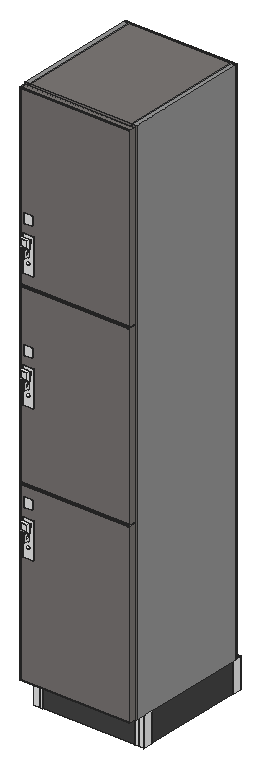
Revit family "Wood_Lockers_Hasps-Salsbury_Industries-15_43000_Series-1_Wide_Units.rfa", category Specialty Equipment, Revit 2016
Family settings
  Part Type = Normal
  Round Connector Dimension = Use Diameter
  OmniClass Number = 23.40.00.00
  OmniClass Title = Equipment and Furnishings
  Work Plane-Based = No
  Always vertical = Yes
  Cut with Voids When Loaded = No
  Shared = No
  Room Calculation Point = No
Parameters (values of type "15-43168")
  Width = 15.000"
  Version = "1.0 (01/31/24)"
  Unit Height including Sloping Hood Only [instance] = 78.868"
  Unit Height including Base Only [instance] = 76.000"
  URL = "www.lockers.com"
  Type Comments = "Premier Wood Lockers - Triple Tier - with Hasps"
  Total Doors Height [instance] = if(Unit Height = 72.000", 71.750", if(Unit Height = 60.000", 59.750", 0.000"))  # 71.750"
  Sloping Top Corner Filler - Right Side [instance] = Wood Locker Sloping Corner Fillers : None
  Sloping Top Corner Filler - Left Side [instance] = Wood Locker Sloping Corner Fillers : None
  Sloping In-Line Filler - Right Side [instance] = Wood Locker Sloping In-Line Fillers : None
  Sloping In-Line Filler - Left Side [instance] = Wood Locker Sloping In-Line Fillers : None
  Sloping Hood Height = if(Depth = 15.000", 5.743", if(Depth = 18.000", 6.868", if(Depth = 21.000", 7.993", if(Depth = 24.000", 9.118", 0.000"))))  # 6.868"
  Sloping Hood [instance] = Wood Locker Sloping Hoods : None
  Side Panel without Slope - Right Side [instance] = Wood Locker Side Panels-No Slope : None
  Side Panel without Slope - Left Side [instance] = Wood Locker Side Panels-No Slope : None
  Side Panel with Slope - Right Side [instance] = Wood Locker Side Panels-With Slope : None
  Side Panel with Slope - Left Side [instance] = Wood Locker Side Panels-With Slope : None
  Secondary Structure Materials = Particle Board Industrial Grade - Salsbury Finish - Black Melamine Overlay
  Primary Structure Materials = Particle Board Industrial Grade - Salsbury Finish - Plain
  Overall Unit Height including Base and Sloping Hood [instance] = 82.868"
  OmniClass 23 Title = "Equipment and Furnishings"
  OmniClass 23 Number = "23.40.00.00"
  Model = "15-43168"
  MasterFormat Title = "Lockers"
  MasterFormat Code = "10 51 23"
  Manufacturer = "Salsbury Industries"
  Laminate Surface [instance] = Industrial Grade Particleboard with Wood Laminate - Salsbury Finish - Skyline Walnut
  Interior Material = Textured Melamine - Salsbury Finish - White
  Individual Door Width [instance] = 14.875"
  Unit Height = 72.000"
  Individual Door Height = if(Unit Height = 72.000", 23.791", if(Unit Height = 60.000", 19.791", 0.000"))  # 23.791"
  Hardware = Aluminum - Salsbury Finish - Black Satin
  Front Vertical Filler - Right Side [instance] = Wood Locker Front Fillers : None
  Front Vertical Filler - Left Side [instance] = Wood Locker Front Fillers : None
  Front Corner Filler - Right Side [instance] = Wood Locker Front Corner Filler : None
  Front Corner Filler - Left Side [instance] = Wood Locker Front Corner Filler : None
  Flat Top In-Line Filler - Right Side [instance] = Wood Locker Flat In-Line Fillers : None
  Flat Top In-Line Filler - Left Side [instance] = Wood Locker Flat In-Line Fillers : None
  Flat Top Corner Filler - Right Side [instance] = Wood Locker Flat Corner Fillers : None
  Flat Top Corner Filler - Left Side [instance] = Wood Locker Flat Corner Fillers : None
  Fascia Filler [instance] = Wood Locker Fascia Fillers : None
  Double Side Panel without Slope - Right Side [instance] = Wood Locker Double Side Panels-No Slope : None
  Double Side Panel without Slope - Left Side [instance] = Wood Locker Double Side Panels-No Slope : None
  Double Side Panel with Slope - Right Side [instance] = Wood Locker Double Side Panels-With Slope : None
  Double Side Panel with Slope - Left Side [instance] = Wood Locker Double Side Panels-With Slope : None
  Door Location D3 = Premier Locker Doors_Hasp : Triple Tier Door-3 for Six Foot High Locker
  Door Location D2 = Premier Locker Doors_Hasp : Triple Tier Door-2 for Six Foot High Locker
  Door Location D1 = Premier Locker Doors_Hasp : Triple Tier Door-1 for Six Foot High Locker
  Description = "1 Wide - 6 Feet High - 18 inches Deep - with Base"
  Depth = 18.000"
  Compartment Width [instance] = 13.750"
  Compartment Height [instance] = if(Unit Height = 72.000", 23.000", if(Unit Height = 60.000", 19.000", 0.000"))  # 23.000"
  Compartment Depth [instance] = 16.750"
  Base Material = Particle Board Industrial Grade - Salsbury Finish - Black Melamine Overlay
  Base Height = 4.000"
  Base Depth [instance] = 16.250"
  Base = Wood Locker Bases : Base - 15" W x 18" D Lockers
  Assembly Code = "C1030310"
Reference planes (in)
  plane 1 "Center (Front/Back)": y = 0
  plane 2: z = 0
  plane 3 "Center (Left/Right)": x = 0
  plane 4 "Right Side of Unit": x = 7.5
  plane 5 "Left Side of Unit": x = -7.5
  plane 6 "Back of Unit": y = 9
  plane 7 "Front of Unit": y = -9
  plane 8 "Bottom of Base": z = 0
  plane 9 "Top Edge of Unit": z = 76
  plane 10 "Top of Base Edge": z = 4
  plane 11: z = 82.868
  plane 12 "Right Compartment Edge": x = 6.906
  plane 13 "Left Compartment Edge": x = -6.906
  plane 14 "Front Melamine Edge": y = -8
  plane 15 "Back Compartment Edge": y = 8.781
  plane 16 "Front Compartment Edge": y = -7.969
  plane 17 "Front Edge of Base": y = -6.625
  plane 18 "Bottom Edge of Door": z = 4.125
  plane 19 "Top Edge of Door": z = 75.875
  plane 20 "Bottom Compartment Edge": z = 4.75
  plane 21 "Top Compartment Edge": z = 75.25
  plane 22 "Center Top and Bottom": z = 40
  plane 23 "Left Melamine Edge": x = -6.875
  plane 24 "Right Melamine Edge": x = 6.875
  plane 25 "Back Melamine Edge": y = 8.75
  plane 26 "Left Edge of Door": x = -7.375
  plane 27: y = 9.625
  plane 28: y = -7.25
  plane 29 "Base / Ventillation Alignment": y = 9.625
  plane 30 "Compartment Shelf 2": z = 28.5
  plane 31: z = 27.75
  plane 32: z = 27.916
  plane 33: z = 28.104
  plane 34: z = 51.5
  plane 35 "Compartment Shelf 1": z = 52.25
  plane 36: z = 51.895
  plane 37: z = 52.083
  plane 38 "5" Shelf Top": z = 70.75
  plane 39: z = 70
  plane 40 "5" Shelf Center": z = 47
  plane 41: z = 46.25
  plane 42 "5" Shelf Bottom": z = 23.25
  plane 43: z = 22.5
  plane 44 "Front of Shelf": y = 3.75
  plane 45: y = 3.781
Forms (in)
  Extrusion 1, solid, material "Particle Board Industrial Grade - Salsbury Finish - Plain" <- "Primary Structure Materials"
    sketch origin (7.5, 0, 0) x (0, -1, 0) y (0, 0, 1)
      loop
        line (7.969, 76) -> (-8.75, 76) -> (-8.75, 4) -> (7.969, 4) -> (7.969, 76)
    from 0 to 0.594
  Extrusion 2, solid, material "Particle Board Industrial Grade - Salsbury Finish - Plain" <- "Primary Structure Materials"
    sketch origin (-7.5, 0, 0) x (0, -1, 0) y (0, 0, 1)
      loop
        line (-8.75, 76) -> (-8.75, 4) -> (7.969, 4) -> (7.969, 76) -> (-8.75, 76)
    from 0 to -0.594
  Extrusion 3, solid, material "Textured Melamine - Salsbury Finish - White" <- "Interior Material"
    sketch origin (0, 0, 4) x (0, -1, 0) y (1, 0, 0)
      loop
        line (-8.75, -6.875) -> (7.969, -6.875) -> (7.969, 6.875) -> (-8.75, 6.875) -> (-8.75, -6.875)
    from 0 to 0.75
  Extrusion 4, solid, material "Industrial Grade Particleboard with Wood Laminate - Salsbury Finish - Skyline Walnut" <- "Laminate Surface"
    sketch origin (0.375, 0.375, 76) x (1, 0, 0) y (0, 1, 0)
      loop
        line (-7.25, -8.375) -> (6.5, -8.375) -> (6.5, 8.375) -> (-7.25, 8.375) -> (-7.25, -8.375)
    from 0 to -0.75
  Extrusion 5, solid, material "Particle Board Industrial Grade - Salsbury Finish - Plain" <- "Primary Structure Materials"
    sketch origin (0, 9, 0) x (1, 0, 0) y (0, 0, 1)
      loop
        line (-7.5, 76) -> (-7.5, 4) -> (7.5, 4) -> (7.5, 76) -> (-7.5, 76)
    from 0 to 0.219
  Extrusion 6, solid, material "Industrial Grade Particleboard with Wood Laminate - Salsbury Finish - Skyline Walnut" <- "Laminate Surface"
    sketch origin (0, -7.969, 0) x (1, 0, 0) y (0, 0, 1)
      loop
        line (-7.5, 76) -> (-7.5, 4) -> (-6.875, 4) -> (-6.875, 76) -> (-7.5, 76)
    from 0 to 0.031
  Extrusion 7, solid, material "Industrial Grade Particleboard with Wood Laminate - Salsbury Finish - Skyline Walnut" <- "Laminate Surface"
    sketch origin (0, -7.969, 0) x (-1, 0, 0) y (0, 0, -1)
      loop
        line (-7.5, -76) -> (-6.875, -76) -> (-6.875, -4) -> (-7.5, -4) -> (-7.5, -76)
    from 0 to 0.031
  Extrusion 8, solid, material "Textured Melamine - Salsbury Finish - White" <- "Interior Material"
    sketch origin (0, 8.75, 0) x (1, 0, 0) y (0, 0, 1)
      loop
        line (-7.5, 76) -> (-7.5, 4) -> (7.5, 4) -> (7.5, 76) -> (-7.5, 76)
    from -0.031 to 0
  Extrusion 9, solid, material "Textured Melamine - Salsbury Finish - White" <- "Interior Material"
    sketch origin (-6.906, 0, 0) x (0, -1, 0) y (0, 0, 1)
      loop
        line (-8.75, 76) -> (-8.75, 4) -> (7.969, 4) -> (7.969, 76) -> (-8.75, 76)
    from 0 to -0.031
  Extrusion 10, solid, material "Textured Melamine - Salsbury Finish - White" <- "Interior Material"
    sketch origin (6.906, 0, 0) x (0, -1, 0) y (0, 0, 1)
      loop
        line (7.969, 76) -> (-8.75, 76) -> (-8.75, 4) -> (7.969, 4) -> (7.969, 76)
    from 0 to 0.031
  Extrusion 11, solid, material "Textured Melamine - Salsbury Finish - White" <- "Interior Material", detail levels fine
    sketch origin (0, 0, 28.5) x (0, -1, 0) y (1, 0, 0)
      loop
        line (-8.75, -6.875) -> (7.969, -6.875) -> (7.969, 6.875) -> (-8.75, 6.875) -> (-8.75, -6.875)
    from 0 to -0.75
  Extrusion 12, solid, material "Textured Melamine - Salsbury Finish - White" <- "Interior Material", detail levels fine
    sketch origin (0, 0, 52.25) x (0, -1, 0) y (1, 0, 0)
      loop
        line (-8.75, -6.875) -> (7.969, -6.875) -> (7.969, 6.875) -> (-8.75, 6.875) -> (-8.75, -6.875)
    from 0 to -0.75
  Extrusion 13, solid, material "Textured Melamine - Salsbury Finish - White" <- "Interior Material"
    sketch origin (0, 0, 70.75) x (0, -1, 0) y (1, 0, 0)
      loop
        line (-8.75, -6.875) -> (-3.781, -6.875) -> (-3.781, 6.875) -> (-8.75, 6.875) -> (-8.75, -6.875)
    from 0 to -0.75
  Extrusion 14, solid, material "Textured Melamine - Salsbury Finish - White" <- "Interior Material", detail levels fine
    sketch origin (0, 0, 47) x (0, -1, 0) y (1, 0, 0)
      loop
        line (-8.75, -6.875) -> (-3.781, -6.875) -> (-3.781, 6.875) -> (-8.75, 6.875) -> (-8.75, -6.875)
    from 0 to -0.75
  Extrusion 15, solid, material "Textured Melamine - Salsbury Finish - White" <- "Interior Material", detail levels fine
    sketch origin (0, 0, 23.25) x (0, -1, 0) y (1, 0, 0)
      loop
        line (-8.75, -6.875) -> (-3.781, -6.875) -> (-3.781, 6.875) -> (-8.75, 6.875) -> (-8.75, -6.875)
    from 0 to -0.75
  Extrusion 16, solid, material "Industrial Grade Particleboard with Wood Laminate - Salsbury Finish - Skyline Walnut" <- "Laminate Surface"
    sketch origin (0, -7.969, 0) x (1, 0, 0) y (0, 0, 1)
      loop
        line (-6.875, 52.25) -> (-6.875, 51.5) -> (6.875, 51.5) -> (6.875, 52.25) -> (-6.875, 52.25)
    from 0 to 0.031
  Extrusion 17, solid, material "Industrial Grade Particleboard with Wood Laminate - Salsbury Finish - Skyline Walnut" <- "Laminate Surface"
    sketch origin (0, -7.969, 0) x (1, 0, 0) y (0, 0, 1)
      loop
        line (-6.875, 28.5) -> (-6.875, 27.75) -> (6.875, 27.75) -> (6.875, 28.5) -> (-6.875, 28.5)
    from 0 to 0.031
  Extrusion 18, solid, material "Industrial Grade Particleboard with Wood Laminate - Salsbury Finish - Skyline Walnut" <- "Laminate Surface"
    sketch origin (0, -7.969, 0) x (1, 0, 0) y (0, 0, 1)
      loop
        line (-6.875, 4.75) -> (-6.875, 4) -> (6.875, 4) -> (6.875, 4.75) -> (-6.875, 4.75)
    from 0 to 0.031
  Extrusion 19, solid, material "Industrial Grade Particleboard with Wood Laminate - Salsbury Finish - Skyline Walnut" <- "Laminate Surface"
    sketch origin (0, 3.75, 0) x (1, 0, 0) y (0, 0, 1)
      loop
        line (-6.875, 23.25) -> (-6.875, 22.5) -> (6.875, 22.5) -> (6.875, 23.25) -> (-6.875, 23.25)
    from 0 to -0.031
  Extrusion 20, solid, material "Industrial Grade Particleboard with Wood Laminate - Salsbury Finish - Skyline Walnut" <- "Laminate Surface"
    sketch origin (0, 3.75, 0) x (1, 0, 0) y (0, 0, 1)
      loop
        line (-6.875, 47) -> (-6.875, 46.25) -> (6.875, 46.25) -> (6.875, 47) -> (-6.875, 47)
    from 0 to -0.031
  Extrusion 21, solid, material "Industrial Grade Particleboard with Wood Laminate - Salsbury Finish - Skyline Walnut" <- "Laminate Surface"
    sketch origin (0, 3.75, 0) x (1, 0, 0) y (0, 0, 1)
      loop
        line (-6.875, 70.75) -> (-6.875, 70) -> (6.875, 70) -> (6.875, 70.75) -> (-6.875, 70.75)
    from 0 to -0.031
Lines and regions (in)
  symbolic lines
    curve 1: line (-7.5, 8.75, 76) -> (7.50006, 8.75, 76)
    curve 2: line (-7.5, 8.75, 0) -> (-7.5, 8.75, 76)
    curve 3: line (7.50006, 8.75, 76) -> (7.50006, 8.75, 0)
    curve 4: line (6.906, -8, 76) -> (6.906, 9.625, 76)
    curve 5: line (6.906, -8, 0) -> (6.906, -8, 76)
    curve 6: line (6.906, 9.625, 76) -> (6.906, 9.625, 0)
    curve 7: line (7.50006, 8.75, 0) -> (-7.5, 8.75, 0)
    curve 8: line (6.906, -6.625, 0) -> (6.906, 9.625, 0)
    curve 9: line (6.906, 9.625, 0) -> (6.906, -6.625, 0)
    curve 10: line (6.906, -8, 0) -> (6.906, 9.625, 0)
    curve 11: line (-7.5, 9.625, 0) -> (7.5, 9.625, 0)
    curve 12: line (-7.5, -8, 0) -> (-7.5, 9.625, 0)
    curve 13: line (7.5, -8, 0) -> (-7.5, -8, 0)
    curve 14: line (7.5, 9.625, 0) -> (7.5, -8, 0)
Dimensions and locks (in)
  equal spacing: plane 5 "Left Side of Unit", plane 3 "Center (Left/Right)", plane 4 "Right Side of Unit"
  "Width": plane 5 "Left Side of Unit" to plane 4 "Right Side of Unit"
  equal spacing: plane 7 "Front of Unit", plane 1 "Center (Front/Back)", plane 6 "Back of Unit"
  "Depth": plane 7 "Front of Unit" to plane 6 "Back of Unit"
  "Base Height": plane 10 "Top of Base Edge" to plane 8 "Bottom of Base"
  "Unit Height": plane 9 "Top Edge of Unit" to plane 10 "Top of Base Edge"
  "Sloping Hood Height": plane 11 to plane 9 "Top Edge of Unit"
  locked: plane 12 "Right Compartment Edge" to plane 4 "Right Side of Unit" at 0.594
  locked: plane 5 "Left Side of Unit" to plane 13 "Left Compartment Edge" at 0.594
  locked: plane 7 "Front of Unit" to plane 14 "Front Melamine Edge" at 1
  locked: plane 15 "Back Compartment Edge" to plane 6 "Back of Unit" at 0.219
  locked: plane 14 "Front Melamine Edge" to plane 16 "Front Compartment Edge" at 0.031
  plane 18 "Bottom Edge of Door" to plane 10 "Top of Base Edge" = 0.125"
  plane 9 "Top Edge of Unit" to plane 19 "Top Edge of Door" = 0.125"
  plane 20 "Bottom Compartment Edge" to plane 10 "Top of Base Edge" = 0.750"
  plane 9 "Top Edge of Unit" to plane 21 "Top Compartment Edge" = 0.750"
  equal spacing: plane 9 "Top Edge of Unit", plane 22 "Center Top and Bottom", plane 10 "Top of Base Edge"
  locked: plane 24 "Right Melamine Edge" to plane 12 "Right Compartment Edge" at 0.031
  locked: plane 13 "Left Compartment Edge" to plane 23 "Left Melamine Edge" at 0.031
  locked: plane 25 "Back Melamine Edge" to plane 15 "Back Compartment Edge" at 0.031
  locked: plane 5 "Left Side of Unit" to plane 26 "Left Edge of Door" at 0.125
  "Individual Door Width": plane 26 "Left Edge of Door" to plane 4 "Right Side of Unit"
  "Total Doors Height": plane 19 "Top Edge of Door" to plane 18 "Bottom Edge of Door"
  "Unit Height including Base Only": plane 9 "Top Edge of Unit" to plane 8 "Bottom of Base"
  "Unit Height including Sloping Hood Only": plane 11 to plane 10 "Top of Base Edge"
  "Overall Unit Height including Base and Sloping Hood": plane 11 to plane 8 "Bottom of Base"
  locked: plane 7 "Front of Unit" to plane 17 "Front Edge of Base" at 2.375
  locked: plane 6 "Back of Unit" to plane 27 at 0.625
  "Base Depth": plane 17 "Front Edge of Base" to plane 27
  "Compartment Width": plane 23 "Left Melamine Edge" to plane 24 "Right Melamine Edge"
  "Compartment Height": plane 31 to plane 20 "Bottom Compartment Edge"
  "Compartment Depth": plane 14 "Front Melamine Edge" to plane 25 "Back Melamine Edge"
  locked: plane 14 "Front Melamine Edge" to plane 28 at 0.75
  plane 14 "Front Melamine Edge" to plane 27 = 17.625"
  Extrusion 2 to Extrusion 9 = 16.719"
  plane 6 "Back of Unit" to plane 29 "Base / Ventillation Alignment" = 0.625"
  locked: plane 30 "Compartment Shelf 2" to plane 31 at 0.75
  locked: plane 33 to plane 32 at 0.188
  "Individual Door Height": plane 32 to plane 18 "Bottom Edge of Door"
  locked: plane 35 "Compartment Shelf 1" to plane 34 at 0.75
  locked: plane 37 to plane 36 at 0.188
  "Compartment Height": plane 34 to plane 30 "Compartment Shelf 2"
  "Individual Door Height": plane 36 to plane 33
  locked: plane 38 "5" Shelf Top" to plane 39 at 0.75
  locked: plane 44 "Front of Shelf" to plane 25 "Back Melamine Edge" at 5
  locked: plane 21 "Top Compartment Edge" to plane 38 "5" Shelf Top" at 4.5
  locked: plane 40 "5" Shelf Center" to plane 41 at 0.75
  locked: plane 34 to plane 40 "5" Shelf Center" at 4.5
  locked: plane 42 "5" Shelf Bottom" to plane 43 at 0.75
  locked: plane 31 to plane 42 "5" Shelf Bottom" at 4.5
  locked: plane 44 "Front of Shelf" to plane 45 at 0.031
  aligned and locked: level to plane 2
  aligned and locked: plane 15 "Back Compartment Edge" to Extrusion 5
  aligned and locked: plane 4 "Right Side of Unit" to nested 1
  aligned and locked: plane 18 "Bottom Edge of Door" to nested 1
  aligned and locked: plane 7 "Front of Unit" to nested 1
  aligned and locked: plane 9 "Top Edge of Unit" to nested 2
  aligned and locked: plane 14 "Front Melamine Edge" to nested 2
  aligned and locked: plane 5 "Left Side of Unit" to nested 3
  aligned and locked: plane 14 "Front Melamine Edge" to nested 3
  aligned and locked: plane 9 "Top Edge of Unit" to nested 3
  aligned and locked: plane 4 "Right Side of Unit" to nested 4
  aligned and locked: nested 4 to plane 9 "Top Edge of Unit"
  aligned and locked: nested 4 to plane 14 "Front Melamine Edge"
  aligned and locked: plane 9 "Top Edge of Unit" to nested 5
  aligned and locked: plane 28 to nested 5
  aligned and locked: nested 6 to plane 28
  aligned and locked: plane 5 "Left Side of Unit" to nested 6
  aligned and locked: plane 4 "Right Side of Unit" to nested 5
  aligned and locked: nested 6 to plane 9 "Top Edge of Unit"
  aligned and locked: nested 8 to plane 5 "Left Side of Unit"
  aligned and locked: nested 7 to plane 4 "Right Side of Unit"
  aligned and locked: plane 14 "Front Melamine Edge" to nested 7
  aligned and locked: nested 8 to plane 14 "Front Melamine Edge"
  aligned and locked: plane 10 "Top of Base Edge" to nested 7
  aligned and locked: nested 8 to plane 10 "Top of Base Edge"
  aligned and locked: plane 5 "Left Side of Unit" to nested 9
  aligned and locked: plane 4 "Right Side of Unit" to nested 10
  aligned and locked: nested 10 to plane 10 "Top of Base Edge"
  aligned and locked: plane 10 "Top of Base Edge" to nested 9
  aligned and locked: plane 16 "Front Compartment Edge" to nested 10
  aligned and locked: nested 9 to plane 14 "Front Melamine Edge"
  aligned and locked: plane 4 "Right Side of Unit" to nested 11
  aligned and locked: nested 11 to plane 10 "Top of Base Edge"
  aligned and locked: plane 14 "Front Melamine Edge" to nested 11
  aligned and locked: plane 14 "Front Melamine Edge" to nested 12
  aligned and locked: nested 12 to nested 4
  aligned and locked: plane 10 "Top of Base Edge" to nested 12
  aligned and locked: nested 13 to plane 5 "Left Side of Unit"
  aligned and locked: nested 13 to plane 14 "Front Melamine Edge"
  aligned and locked: nested 13 to plane 10 "Top of Base Edge"
  aligned and locked: plane 14 "Front Melamine Edge" to nested 14
  aligned and locked: nested 14 to plane 4 "Right Side of Unit"
  aligned and locked: nested 15 to plane 14 "Front Melamine Edge"
  aligned and locked: nested 15 to plane 5 "Left Side of Unit"
  aligned and locked: plane 10 "Top of Base Edge" to nested 14
  aligned and locked: nested 15 to plane 10 "Top of Base Edge"
  aligned and locked: plane 14 "Front Melamine Edge" to nested 16
  aligned and locked: plane 4 "Right Side of Unit" to nested 16
  aligned and locked: nested 17 to plane 14 "Front Melamine Edge"
  aligned and locked: plane 5 "Left Side of Unit" to nested 17
  aligned and locked: nested 16 to plane 8 "Bottom of Base"
  aligned and locked: nested 17 to plane 8 "Bottom of Base"
  aligned and locked: nested 18 to plane 5 "Left Side of Unit"
  aligned and locked: nested 19 to plane 4 "Right Side of Unit"
  aligned and locked: nested 19 to plane 14 "Front Melamine Edge"
  aligned and locked: plane 14 "Front Melamine Edge" to nested 18
  aligned and locked: plane 8 "Bottom of Base" to nested 19
  aligned and locked: nested 18 to plane 8 "Bottom of Base"
  aligned and locked: plane 17 "Front Edge of Base" to nested 20
  aligned and locked: plane 9 "Top Edge of Unit" to nested 21
  aligned and locked: plane 5 "Left Side of Unit" to nested 21
  aligned and locked: nested 22 to plane 9 "Top Edge of Unit"
  aligned and locked: plane 4 "Right Side of Unit" to nested 22
  aligned and locked: nested 22 to plane 14 "Front Melamine Edge"
  aligned and locked: nested 21 to plane 14 "Front Melamine Edge"
  aligned and locked: nested 24 to plane 9 "Top Edge of Unit"
  aligned and locked: plane 4 "Right Side of Unit" to nested 24
  aligned and locked: nested 23 to plane 9 "Top Edge of Unit"
  aligned and locked: plane 5 "Left Side of Unit" to nested 23
  aligned and locked: nested 24 to plane 28
  aligned and locked: nested 23 to plane 28
  aligned and locked: plane 14 "Front Melamine Edge" to nested 25
  aligned and locked: plane 9 "Top Edge of Unit" to nested 25
  aligned and locked: plane 8 "Bottom of Base" to nested 20
  aligned and locked: plane 3 "Center (Left/Right)" to nested 20
  aligned and locked: plane 25 "Back Melamine Edge" to Extrusion 3 sketch curve
  aligned and locked: Extrusion 3 sketch curve to plane 23 "Left Melamine Edge"
  aligned and locked: plane 24 "Right Melamine Edge" to Extrusion 3 sketch curve
  aligned and locked: Extrusion 4 to plane 9 "Top Edge of Unit"
  aligned and locked: plane 21 "Top Compartment Edge" to Extrusion 4
  aligned and locked: Extrusion 2 sketch curve to plane 9 "Top Edge of Unit"
  aligned and locked: plane 16 "Front Compartment Edge" to Extrusion 2 sketch curve
  aligned and locked: Extrusion 2 sketch curve to plane 25 "Back Melamine Edge"
  aligned and locked: plane 10 "Top of Base Edge" to Extrusion 2 sketch curve
  aligned and locked: Extrusion 2 to plane 13 "Left Compartment Edge"
  aligned and locked: plane 5 "Left Side of Unit" to Extrusion 2
  aligned and locked: plane 10 "Top of Base Edge" to Extrusion 9 sketch curve
  aligned and locked: Extrusion 9 sketch curve to plane 25 "Back Melamine Edge"
  aligned and locked: Extrusion 9 sketch curve to plane 9 "Top Edge of Unit"
  aligned and locked: Extrusion 1 sketch curve to plane 16 "Front Compartment Edge"
  aligned and locked: plane 9 "Top Edge of Unit" to Extrusion 1 sketch curve
  aligned and locked: Extrusion 1 sketch curve to plane 10 "Top of Base Edge"
  aligned and locked: plane 25 "Back Melamine Edge" to Extrusion 1 sketch curve
  aligned and locked: Extrusion 1 to plane 4 "Right Side of Unit"
  aligned and locked: plane 12 "Right Compartment Edge" to Extrusion 1
  aligned and locked: Extrusion 10 sketch curve to plane 10 "Top of Base Edge"
  aligned and locked: plane 25 "Back Melamine Edge" to Extrusion 10 sketch curve
  aligned and locked: Extrusion 10 sketch curve to plane 16 "Front Compartment Edge"
  aligned and locked: plane 9 "Top Edge of Unit" to Extrusion 10 sketch curve
  aligned and locked: Extrusion 10 to plane 12 "Right Compartment Edge"
  aligned and locked: plane 24 "Right Melamine Edge" to Extrusion 10
  aligned and locked: Extrusion 8 sketch curve to plane 10 "Top of Base Edge"
  aligned and locked: plane 4 "Right Side of Unit" to Extrusion 8 sketch curve
  aligned and locked: plane 9 "Top Edge of Unit" to Extrusion 8 sketch curve
  aligned and locked: Extrusion 8 sketch curve to plane 5 "Left Side of Unit"
  aligned and locked: Extrusion 8 to plane 15 "Back Compartment Edge"
  aligned and locked: plane 25 "Back Melamine Edge" to Extrusion 8
  aligned and locked: plane 9 "Top Edge of Unit" to Extrusion 5 sketch curve
  aligned and locked: Extrusion 5 sketch curve to plane 5 "Left Side of Unit"
  aligned and locked: Extrusion 5 sketch curve to plane 10 "Top of Base Edge"
  aligned and locked: plane 4 "Right Side of Unit" to Extrusion 5 sketch curve
  aligned and locked: Extrusion 7 sketch curve to plane 9 "Top Edge of Unit"
  aligned and locked: Extrusion 7 sketch curve to plane 4 "Right Side of Unit"
  aligned and locked: plane 24 "Right Melamine Edge" to Extrusion 7 sketch curve
  aligned and locked: plane 10 "Top of Base Edge" to Extrusion 7 sketch curve
  aligned and locked: Extrusion 7 to plane 16 "Front Compartment Edge"
  aligned and locked: plane 14 "Front Melamine Edge" to Extrusion 7
  aligned and locked: Extrusion 6 sketch curve to plane 10 "Top of Base Edge"
  aligned and locked: plane 23 "Left Melamine Edge" to Extrusion 6 sketch curve
  aligned and locked: Extrusion 6 sketch curve to plane 5 "Left Side of Unit"
  aligned and locked: plane 9 "Top Edge of Unit" to Extrusion 6 sketch curve
  aligned and locked: Extrusion 6 to plane 16 "Front Compartment Edge"
  aligned and locked: plane 14 "Front Melamine Edge" to Extrusion 6
  aligned and locked: plane 16 "Front Compartment Edge" to Extrusion 9
  aligned and locked: plane 13 "Left Compartment Edge" to Extrusion 9
  aligned and locked: nested 3 to curve 1
  aligned and locked: curve 2 to nested 17
  aligned and locked: curve 4 to nested 2
  aligned and locked: nested 16 to curve 5
  aligned and locked: curve 9 to nested 20
  aligned and locked: curve 10 to nested 16
  aligned and locked: curve 13 to plane 14 "Front Melamine Edge"
  aligned and locked: curve 12 to plane 5 "Left Side of Unit"
  aligned and locked: plane 29 "Base / Ventillation Alignment" to curve 11
  aligned and locked: plane 3 "Center (Left/Right)" to nested 2
  aligned and locked: plane 3 "Center (Left/Right)" to nested 25
  aligned and locked: plane 29 "Base / Ventillation Alignment" to curve 6
  aligned and locked: plane 25 "Back Melamine Edge" to Extrusion 11 sketch curve
  aligned and locked: Extrusion 11 sketch curve to plane 23 "Left Melamine Edge"
  aligned and locked: plane 24 "Right Melamine Edge" to Extrusion 11 sketch curve
  aligned and locked: plane 25 "Back Melamine Edge" to Extrusion 12 sketch curve
  aligned and locked: plane 24 "Right Melamine Edge" to Extrusion 12 sketch curve
  aligned and locked: Extrusion 12 sketch curve to plane 23 "Left Melamine Edge"
  aligned and locked: plane 33 to nested 26
  aligned and locked: plane 4 "Right Side of Unit" to nested 26
  aligned and locked: plane 4 "Right Side of Unit" to nested 27
  aligned and locked: plane 37 to nested 27
  aligned and locked: plane 7 "Front of Unit" to nested 27
  aligned and locked: plane 7 "Front of Unit" to nested 26
  aligned and locked: Extrusion 13 to plane 38 "5" Shelf Top"
  aligned and locked: plane 39 to Extrusion 13
  aligned and locked: plane 23 "Left Melamine Edge" to Extrusion 13
  aligned and locked: Extrusion 13 to plane 24 "Right Melamine Edge"
  aligned and locked: Extrusion 13 to plane 25 "Back Melamine Edge"
  aligned and locked: Extrusion 14 to plane 40 "5" Shelf Center"
  aligned and locked: plane 41 to Extrusion 14
  aligned and locked: plane 23 "Left Melamine Edge" to Extrusion 14
  aligned and locked: Extrusion 14 to plane 24 "Right Melamine Edge"
  aligned and locked: Extrusion 14 to plane 25 "Back Melamine Edge"
  aligned and locked: Extrusion 15 to plane 42 "5" Shelf Bottom"
  aligned and locked: plane 43 to Extrusion 15
  aligned and locked: plane 23 "Left Melamine Edge" to Extrusion 15
  aligned and locked: Extrusion 15 to plane 24 "Right Melamine Edge"
  aligned and locked: Extrusion 15 to plane 25 "Back Melamine Edge"
  aligned and locked: plane 14 "Front Melamine Edge" to Extrusion 4
  aligned and locked: plane 16 "Front Compartment Edge" to Extrusion 12
  aligned and locked: plane 16 "Front Compartment Edge" to Extrusion 11
  aligned and locked: plane 16 "Front Compartment Edge" to Extrusion 3
  aligned and locked: Extrusion 16 sketch curve to Extrusion 12  (x4)
  aligned and locked: plane 14 "Front Melamine Edge" to Extrusion 16
  aligned and locked: Extrusion 16 to plane 16 "Front Compartment Edge"
  aligned and locked: Extrusion 17 sketch curve to Extrusion 11  (x4)
  aligned and locked: Extrusion 18 sketch curve to Extrusion 3  (x3)
  aligned and locked: Extrusion 7 to Extrusion 18 sketch curve
  aligned and locked: Extrusion 13 to plane 45
  aligned and locked: Extrusion 14 to Extrusion 13
  aligned and locked: Extrusion 15 to Extrusion 13
  aligned and locked: Extrusion 19 sketch curve to Extrusion 15  (x4)
  aligned and locked: Extrusion 19 to plane 44 "Front of Shelf"
  aligned and locked: Extrusion 19 to Extrusion 13
  aligned and locked: Extrusion 20 sketch curve to Extrusion 14  (x4)
  aligned and locked: Extrusion 20 to plane 44 "Front of Shelf"
  aligned and locked: Extrusion 20 to Extrusion 13
  aligned and locked: Extrusion 21 sketch curve to Extrusion 13  (x4)
  aligned and locked: Extrusion 21 to plane 44 "Front of Shelf"
  aligned and locked: Extrusion 21 to Extrusion 13
Automatic sketch dimensions
  Extrusion 9 sketch curve to plane 16 "Front Compartment Edge" = 0.000"
  curve 3 to level = 0.000"
  curve 3 to plane 4 "Right Side of Unit" = 0.00006"
  curve 8 to plane 17 "Front Edge of Base" = 0.000"
  curve 9 to plane 17 "Front Edge of Base" = 0.000"
  curve 13 to plane 4 "Right Side of Unit" = 0.000"
  Extrusion 14 sketch curve to plane 24 "Right Melamine Edge" = 0.000"
  plane 25 "Back Melamine Edge" to Extrusion 14 sketch curve = 0.000"
  Extrusion 14 sketch curve to plane 23 "Left Melamine Edge" = 0.000"
  Extrusion 14 sketch curve to plane 44 "Front of Shelf" = 0.031"
  plane 24 "Right Melamine Edge" to Extrusion 15 sketch curve = 0.000"
  Extrusion 15 sketch curve to plane 25 "Back Melamine Edge" = 0.000"
  Extrusion 15 sketch curve to plane 14 "Front Melamine Edge" = 11.781"
  Extrusion 15 sketch curve to plane 23 "Left Melamine Edge" = 0.000"
  Extrusion 4 sketch curve to plane 5 "Left Side of Unit" = 0.625"
  plane 17 "Front Edge of Base" to Extrusion 4 sketch curve = 1.375"
  plane 4 "Right Side of Unit" to Extrusion 4 sketch curve = 0.625"
  plane 25 "Back Melamine Edge" to Extrusion 4 sketch curve = 0.000"
  Extrusion 13 sketch curve to plane 24 "Right Melamine Edge" = 0.000"
  plane 25 "Back Melamine Edge" to Extrusion 13 sketch curve = 0.000"
  Extrusion 13 sketch curve to plane 23 "Left Melamine Edge" = 0.000"
  Extrusion 13 sketch curve to plane 44 "Front of Shelf" = 0.031"
  Extrusion 12 sketch curve to plane 14 "Front Melamine Edge" = 0.031"
  Extrusion 11 sketch curve to plane 14 "Front Melamine Edge" = 0.031"
  Extrusion 3 sketch curve to plane 14 "Front Melamine Edge" = 0.031"
Nested families (in)
  nested 1: "Premier Locker Doors_Hasp" at (0.0625, -8.625, 4.125), type <- "Door Location D3", type "Triple Tier Door-3 for Six Foot High Locker"
  nested 2: "Wood Locker Sloping Hoods" at (0, -0.6875, 76), type <- "Sloping Hood", type "None"
  nested 3: "Wood Locker Sloping Corner Fillers" at (-16.75, -1, 76), type <- "Sloping Top Corner Filler - Left Side", type "None"
  nested 4: "Wood Locker Sloping Corner Fillers" at (16.75, -1, 76) x (-1, 0, 0) z (0, 0, 1), type <- "Sloping Top Corner Filler - Right Side", type "None"
  nested 5: "Wood Locker Flat Corner Fillers" at (15, -3.625, 75.25), type <- "Flat Top Corner Filler - Right Side", type "None"
  nested 6: "Wood Locker Flat Corner Fillers" at (-15, -3.625, 75.25) x (-1, 0, 0) z (0, 0, 1), type <- "Flat Top Corner Filler - Left Side", type "None"
  nested 7: "Wood Locker Side Panels-No Slope" at (7.875, -1, 4) x (0, 1, 0) z (0, 0, 1), type <- "Side Panel without Slope - Right Side", type "None"
  nested 8: "Wood Locker Side Panels-No Slope" at (-7.875, -1, 4) x (0, 1, 0) z (0, 0, 1), type <- "Side Panel without Slope - Left Side", type "None"
  nested 9: "Wood Locker Side Panels-With Slope" at (-7.875, -0.6875, 4) x (0, -1, 0) z (0, 0, 1), type <- "Side Panel with Slope - Left Side", type "None"
  nested 10: "Wood Locker Side Panels-With Slope" at (7.875, -0.6565, 4) x (0, -1, 0) z (0, 0, 1), type <- "Side Panel with Slope - Right Side", type "None"
  nested 11: "Wood Locker Side Panels-With Slope" at (7.875, -0.6875, 4) x (0, -1, 0) z (0, 0, 1), type <- "Side Panel with Slope - Right Side", type "None"
  nested 12: "Wood Locker Double Side Panels-No Slope" at (7.875, -1, 4) x (0, 1, 0) z (0, 0, 1), type <- "Double Side Panel without Slope - Right Side", type "None"
  nested 13: "Wood Locker Double Side Panels-No Slope" at (-7.875, -1, 4) x (0, 1, 0) z (0, 0, 1), type <- "Double Side Panel without Slope - Left Side", type "None"
  nested 14: "Wood Locker Double Side Panels-With Slope" at (7.875, -1, 4) x (0, 1, 0) z (0, 0, 1), type <- "Double Side Panel with Slope - Right Side", type "None"
  nested 15: "Wood Locker Double Side Panels-With Slope" at (-7.875, -1, 4) x (0, 1, 0) z (0, 0, 1), type <- "Double Side Panel with Slope - Left Side", type "None"
  nested 16: "Wood Locker Front Fillers" at (15, -7.625, 0), type <- "Front Vertical Filler - Right Side", type "None"
  nested 17: "Wood Locker Front Fillers" at (-15, -7.625, 0) x (-1, 0, 0) z (0, 0, 1), type <- "Front Vertical Filler - Left Side", type "None"
  nested 18: "Wood Locker Front Corner Filler" at (-8.625, -7.625, 0), type <- "Front Corner Filler - Left Side", type "None"
  nested 19: "Wood Locker Front Corner Filler" at (8.625, -7.625, 0) x (-1, 0, 0) z (0, 0, 1), type <- "Front Corner Filler - Right Side", type "None"
  nested 20: "Wood Locker Bases" at (0, 1.5, 0), type <- "Base", type "Base - 15" W x 18" D Lockers"
  nested 21: "Wood Locker Sloping In-Line Fillers" at (-13.5, -1, 76), type <- "Sloping In-Line Filler - Left Side", type "None"
  nested 22: "Wood Locker Sloping In-Line Fillers" at (13.5, -1, 76) x (-1, 0, 0) z (0, 0, 1), type <- "Sloping In-Line Filler - Right Side", type "None"
  nested 23: "Wood Locker Flat In-Line Fillers" at (-15, -0.625, 75.25), type <- "Flat Top In-Line Filler - Left Side", type "None"
  nested 24: "Wood Locker Flat In-Line Fillers" at (15, -0.625, 75.25) x (-1, 0, 0) z (0, 0, 1), type <- "Flat Top In-Line Filler - Right Side", type "None"
  nested 25: "Wood Locker Fascia Fillers" at (0, -7.625, 76), type <- "Fascia Filler", type "None"
  nested 26: "Premier Locker Doors_Hasp" at (0.0625, -8.625, 28.104), type <- "Door Location D2", type "Triple Tier Door-2 for Six Foot High Locker"
  nested 27: "Premier Locker Doors_Hasp" at (0.0625, -8.625, 52.083), type <- "Door Location D1", type "Triple Tier Door-1 for Six Foot High Locker"
Definition of nested family "Premier Locker Doors_Hasp"
  Parameters (values of type "Single Tier Door for Six Foot High Locker")
    Width = 14.875"
    Visible Number Plates = yes
    Visible Center Hinge = yes
    Primary Structure Materials = none
    Number Tag-Vertical Offset = 31.625"
    Number Tag-Horizontal Offset = 13.750"
    Number Tag Width = 1.250"
    Number Tag Height = 1.250"
    Model = "Premier Locker Doors"
    Manufacturer = "Salsbury Industries"
    Lock Width = 1.500"
    Lock Height = 4.875"
    Laminate Surface = none
    Height = 71.750"
    Lock Vertical Offset = 35.875"
    Lock Horizontal Offset = 0.375"
    Door Trim = none
    Door Hasps = none
    Depth = 0.750"
    Default Elevation = 48.000"
  Types (7): name | Visible Center Hinge | Number Tag-Vertical Offset | Height | Lock Vertical Offset
    Single Tier Door for Six Foot High Locker | yes | 31.625" | 71.750" | 35.875"
    Double Tier Door-1 for Six Foot High Locker | no | 27.641" | 35.781" | 31.891"
    Double Tier Door-2 for Six Foot High Locker | yes | 2.078" | 35.781" | 6.328"
    Triple Tier Door-1 for Six Foot High Locker | no | 15.651" | 23.791" | 19.901"
    Triple Tier Door-2 for Six Foot High Locker | no | 7.646" | 23.791" | 11.896"
    Triple Tier Door-3 for Six Foot High Locker | no | 2.078" | 23.791" | 6.328"
    Four Tier Door for Six Foot High Locker | no | 4.647" | 17.796" | 8.897"
  Reference planes (in)
    plane 1 "Center (Front/Back)": y = 0
    plane 2: z = 0
    plane 3 "Center (Left/Right)": x = 0
    plane 4 "Left Side of Door": x = -7.4375
    plane 5 "Right Side of Door": x = 7.4375
    plane 6 "Back of Door": y = 0.375
    plane 7 "Front of Door": y = -0.375
    plane 8 "Bottom of Door": z = 0
    plane 9 "Top of Door": z = 71.75
    plane 10 "Center of Door": z = 35.875
    plane 11 "Top of Number Tag": z = 40.75
    plane 12 "Bottom of Number Tag": z = 39.5
    plane 13 "Left Side of Number Tag": x = -6.9375
    plane 14 "Right Side of Number Tag": x = -5.6875
    plane 15 "Horizontal Center of Number Tag": x = -6.3125
    plane 16 "Center of Number Tag": z = 40.125
    plane 17 "Left Side of Lock": x = -7.0625
    plane 18 "Right Side of Lock": x = -5.5625
    plane 19 "Lock Vertical Center": z = 35.875
    plane 20 "Top of Lock": z = 38.3125
    plane 21 "Bottom of Lock": z = 33.4375
    plane 22 "Front of Hasp Stud": y = -0.5
    plane 23 "Left Side of Door-Right Side of Trim": x = -7.3125
    plane 24 "Right Side of Door-Left Side of Trim": x = 7.3125
    plane 25 "Top of Door-Bottom of Trim": z = 71.625
    plane 26 "Bottom of Door-Top of Trim": z = 0.125
    plane 27 "Laminate-Particleboard Line": y = -0.344
    plane 28 "Melamine-Particleboard Line": y = 0.344
    plane 29 "Back of Number Plate Inset": y = -0.313
    plane 30 "Center of Lock": x = -6.3125
    plane 31: y = -0.188
    plane 32 "Door Stopper Plane": y = 0.625
    plane 33: x = -6.9875
    plane 34: z = 71.3
    plane 35 "Top Hinge": z = 68.75
    plane 36: x = 6.8125
    plane 37 "Bottom Hinge": z = 3
    plane 38 "Inner Knob": y = -1.094
    plane 39 "Front of Knob": y = -1.125
    plane 40: z = 37.1875
    plane 41: z = 34.5625
    plane 42: z = 38.1875
    plane 43: x = -5.6875
    plane 44: x = -6.9375
    plane 45: z = 36.9375
    plane 46 "Top of Hole": z = 36.8125
    plane 47: x = -6.1245
    plane 48: x = -6.5005
    plane 49 "Bottom of Hole": z = 35.5625
    plane 50 "Stud Alignment": z = 34.8125
    plane 51 "Center of Handle": z = 37.5625
    plane 52: z = 37.7505
    plane 53: z = 37.3745
    plane 54: z = 37.96546
    plane 55: z = 37.15954
    plane 56 "Front of Latch": y = -1
    plane 57: z = 36.6844
    plane 58: z = 35.6844
    plane 59: z = 36.1844
    plane 60: x = 6.8435
    plane 61: z = 36.6245
    plane 62: z = 35.74816
  Forms (in)
    Extrusion 1, solid, detail levels fine
      sketch origin (0, 0, 0) x (1, 0, 0) y (0, 0, 1)
        loop
          line (-7.4065, 0.031) -> (7.4065, 0.031) -> (7.4065, 71.719) -> (-7.4065, 71.719) -> (-7.4065, 0.031)
      from -0.344 to 0.344
    Extrusion 2, solid, material <- "Laminate Surface", detail levels fine
      sketch origin (0, 0.375, 0) x (1, 0, 0) y (0, 0, 1)
        loop
          line (-7.4065, 0.031) -> (7.4065, 0.031) -> (7.4065, 71.719) -> (-7.4065, 71.719) -> (-7.4065, 0.031)
      from 0.031 to 0
    Extrusion 3, solid, material <- "Laminate Surface"
      sketch origin (0, -0.375, 0) x (1, 0, 0) y (0, 0, 1)
        loop
          line (-7.4065, 0.031) -> (7.4065, 0.031) -> (7.4065, 71.719) -> (-7.4065, 71.719) -> (-7.4065, 0.031)
      from 0 to -0.031
    Sweep 4, solid, material <- "Door Trim"
      path origin (0, 0, 0) x (1, 0, 0) y (0, 0, 1)
        loop
          line (7.3125, 71.625) -> (-7.3125, 71.625) -> (-7.3125, 0.125) -> (7.3125, 0.125) -> (7.3125, 71.625)
      profile origin (0, 0, 71.625) x (0, 0, -1) y (0, -1, 0)
        loop
          line (-0.125, 0.375) -> (-0.125, -0.375) -> (-0.094, -0.375) -> (-0.094, 0.375) -> (-0.125, 0.375)
    Extrusion 5, void
      sketch origin (-1.875, -0.313, 0) x (1, 0, 0) y (0, 0, 1)
        loop
          arc (-4.91334, 40.75) -> (-5.01881, 40.70631) -> (-5.0625, 40.60084) r 0.14916
          line (-5.0625, 40.60084) -> (-5.0625, 39.64916)
          arc (-5.0625, 39.64916) -> (-5.01881, 39.54369) -> (-4.91334, 39.5) r 0.14916
          line (-4.91334, 39.5) -> (-3.96166, 39.5)
          arc (-3.96166, 39.5) -> (-3.85619, 39.54369) -> (-3.8125, 39.64916) r 0.14916
          line (-3.8125, 39.64916) -> (-3.8125, 40.60084)
          arc (-3.8125, 40.60084) -> (-3.85619, 40.70631) -> (-3.96166, 40.75) r 0.14916
          line (-3.96166, 40.75) -> (-4.91334, 40.75)
      from 0 to 0.062
    Extrusion 6, solid, visible <- "Visible Number Plates", detail levels medium+fine
      sketch origin (-1.875, -0.375, 0) x (1, 0, 0) y (0, 0, 1)
        loop
          arc (-4.91334, 40.75) -> (-5.01881, 40.70631) -> (-5.0625, 40.60084) r 0.14916
          line (-5.0625, 40.60084) -> (-5.0625, 39.64916)
          arc (-5.0625, 39.64916) -> (-5.01881, 39.54369) -> (-4.91334, 39.5) r 0.14916
          line (-4.91334, 39.5) -> (-3.96166, 39.5)
          arc (-3.96166, 39.5) -> (-3.85619, 39.54369) -> (-3.8125, 39.64916) r 0.14916
          line (-3.8125, 39.64916) -> (-3.8125, 40.60084)
          arc (-3.8125, 40.60084) -> (-3.85619, 40.70631) -> (-3.96166, 40.75) r 0.14916
          line (-3.96166, 40.75) -> (-4.91334, 40.75)
      from -0.062 to 0
    Extrusion 7, solid, detail levels medium+fine
      sketch origin (0, 0.375, 0) x (1, 0, 0) y (0, 0, 1)
        loop
          circle (-6.9875, 71.3) r 0.25
      from 0 to -0.25
    Extrusion 8, solid, detail levels medium+fine
      sketch origin (0, 0.375, 0) x (1, 0, 0) y (0, 0, 1)
        loop
          line (6.8125, 68.5) -> (6.8125, 69) -> (6.3125, 69) -> (6.3125, 68.5) -> (6.8125, 68.5)
      from 0 to -0.25
    Extrusion 9, solid, detail levels medium+fine
      sketch origin (0, 0.375, -0.25) x (1, 0, 0) y (0, 0, 1)
        loop
          line (6.8125, 3) -> (6.8125, 3.5) -> (6.3125, 3.5) -> (6.3125, 3) -> (6.8125, 3)
      from 0 to -0.25
    Extrusion 10, solid, visible <- "Visible Center Hinge", detail levels medium+fine
      sketch origin (0, 0.375, -0.25) x (1, 0, 0) y (0, 0, 1)
        loop
          line (6.8125, 35.875) -> (6.8125, 36.375) -> (6.3125, 36.375) -> (6.3125, 35.875) -> (6.8125, 35.875)
      from 0 to -0.25
    Extrusion 11, void
      sketch origin (-1.875, -0.375, 0) x (1, 0, 0) y (0, 0, 1)
        loop
          arc (-5.0625, 38.3125) -> (-5.15089, 38.27589) -> (-5.1875, 38.1875) r 0.125
          line (-5.1875, 38.1875) -> (-5.1875, 33.5625)
          arc (-5.1875, 33.5625) -> (-5.15089, 33.47411) -> (-5.0625, 33.4375) r 0.125
          line (-5.0625, 33.4375) -> (-3.8125, 33.4375)
          arc (-3.8125, 33.4375) -> (-3.72411, 33.47411) -> (-3.6875, 33.5625) r 0.125
          line (-3.6875, 33.5625) -> (-3.6875, 38.1875)
          arc (-3.6875, 38.1875) -> (-3.72411, 38.27589) -> (-3.8125, 38.3125) r 0.125
          line (-3.8125, 38.3125) -> (-5.0625, 38.3125)
      from -0.062 to 0
    Extrusion 12, solid
      sketch origin (-1.875, -0.375, 0) x (1, 0, 0) y (0, 0, 1)
        loop
          line (-3.8125, 38.3125) -> (-5.0625, 38.3125)
          arc (-5.0625, 38.3125) -> (-5.15089, 38.27589) -> (-5.1875, 38.1875) r 0.125
          line (-5.1875, 38.1875) -> (-5.1875, 33.5625)
          arc (-5.1875, 33.5625) -> (-5.15089, 33.47411) -> (-5.0625, 33.4375) r 0.125
          line (-5.0625, 33.4375) -> (-3.8125, 33.4375)
          arc (-3.8125, 33.4375) -> (-3.72411, 33.47411) -> (-3.6875, 33.5625) r 0.125
          line (-3.6875, 33.5625) -> (-3.6875, 38.1875)
          arc (-3.6875, 38.1875) -> (-3.72411, 38.27589) -> (-3.8125, 38.3125) r 0.125
      from 0 to -0.062
    Extrusion 13, void
      sketch origin (-1.875, -0.375, 0) x (1, 0, 0) y (0, 0, 1)
        loop
          line (-4.6255, 36.6245) -> (-4.6255, 35.74816)
          arc (-4.6255, 35.74816) -> (-4.4375, 35.56016) -> (-4.2495, 35.74816) r 0.188
          line (-4.2495, 35.74816) -> (-4.2495, 36.6245)
          arc (-4.2495, 36.6245) -> (-4.4375, 36.8125) -> (-4.6255, 36.6245) r 0.188
      from 0 to -0.75
    Sweep 14, solid, detail levels medium+fine
      path origin (-1.875, -0.375, 0) x (1, 0, 0) y (0, 0, 1)
        loop
          circle (-4.4375, 34.8125) r 0.01
      profile origin (-6.3125, -0.375, 34.8225) x (0, 0, -1) y (0, -1, 0)
        loop
          line (0, 0) -> (0, 0.125)
          arc (0, 0.125) -> (-0.10032, 0.09036) -> (-0.156, 0) r 0.15776
          line (-0.156, 0) -> (0, 0)
    Extrusion 15, solid, detail levels medium+fine
      sketch origin (-1.875, -0.375, 0) x (1, 0, 0) y (0, 0, 1)
        loop
          circle (-4.4375, 34.8125) r 0.01
      from 0 to 0.125
    Sweep 16, solid
      path origin (-1.875, -0.375, 0) x (1, 0, 0) y (0, 0, 1)
        loop
          line (-5.0625, 38.1875) -> (-5.0625, 36.9375) -> (-3.8125, 36.9375) -> (-3.8125, 38.1875) -> (-5.0625, 38.1875)
      profile origin (-6.3125, -0.375, 38.1875) x (0, 0, 1) y (0, -1, 0)
        loop
          line (-0.38067, 0) -> (-0.38067, 0.24142)
          arc (-0.38067, 0.24142) -> (-0.34525, 0.34191) -> (-0.25465, 0.39797) r 0.16024
          arc (-0.25465, 0.39797) -> (-0.10494, 0.46941) -> (0, 0.59789) r 0.37946
          spline (0, 0.59789) -> (-0.00179, 0.61485) -> (-0.00715, 0.6316) -> (-0.01601, 0.64793) -> (-0.02825, 0.66364) -> (-0.04373, 0.67852) -> (-0.06225, 0.6924) -> (-0.08358, 0.7051) -> (-0.10745, 0.71647) -> (-0.13357, 0.72635) -> (-0.16161, 0.73463) -> (-0.19123, 0.74121) -> (-0.22204, 0.746)
          arc (-0.22204, 0.746) -> (-0.31051, 0.60028) -> (-0.42829, 0.47704) r 0.78682
          arc (-0.42829, 0.47704) -> (-0.50625, 0.37521) -> (-0.53396, 0.25) r 0.29673
          line (-0.53396, 0.25) -> (-0.53396, 0) -> (-0.38067, 0)
    Blend 17, solid
      base sketch origin (-1.875, -1.125, 0) x (0, 0, -1) y (-1, 0, 0)
        loop
          line (-37.96546, 4.84046) -> (-37.96546, 4.03454) -> (-37.15954, 4.03454) -> (-37.15954, 4.84046) -> (-37.96546, 4.84046)
      top sketch origin (-1.875, -1.125, 0) x (0, 0, -1) y (-1, 0, 0)
        loop
          line (-37.93279, 4.80777) -> (-37.93279, 4.06715) -> (-37.19211, 4.06715) -> (-37.19211, 4.80777) -> (-37.93279, 4.80777)
      from 0 to 0.031
    Extrusion 18, solid
      sketch origin (-6.3125, 0, 0) x (0, 0, -1) y (0, -1, 0)
        loop
          line (-35.6844, 1) -> (-36.6844, 1) -> (-36.6844, -0.375) -> (-35.6844, -0.375) -> (-35.6844, 1)
      from -0.063 to 0.063
    Extrusion 19, void
      sketch origin (-6.3125, 35.51803, 36.85077) x (0, 1, 0) y (0, 0, -1)
        loop
          circle (-36.1844, 0.66637) r 0.25
      from -0.063 to 0.063
  Cuts and joins
    Extrusion 5, Extrusion 13 cuts Extrusion 1
    Extrusion 5, Extrusion 11 cuts Extrusion 3
    Extrusion 13 cuts Extrusion 12
    Extrusion 13 cuts Extrusion 2
    Extrusion 19 cuts Extrusion 18
  Lines and regions (in)
    symbolic lines
      curve 1: line (-7.4375, 0.375, 0) -> (7.4375, 0.375, 0)
      curve 2: line (7.4375, 0.375, 0) -> (7.4375, 0.375, 71.75)
      curve 3: line (7.4375, 0.375, 71.75) -> (-7.4375, 0.375, 71.75)
      curve 4: line (-7.4375, 0.375, 71.75) -> (-7.4375, 0.375, 0)
      curve 5: line (-7.4375, 0.375, 71.625) -> (7.4375, 0.375, 71.625)
      curve 6: line (-7.4375, -0.375, 71.625) -> (-7.4375, 0.375, 71.625)
      curve 7: line (7.4375, -0.375, 71.625) -> (-7.4375, -0.375, 71.625)
      curve 8: line (7.4375, 0.375, 71.625) -> (7.4375, -0.375, 71.625)
      curve 9: line (6.8125, 0.375, 71.625) -> (6.8125, 0.625, 71.625)
      curve 10: line (6.8125, 0.625, 71.625) -> (6.3125, 0.625, 71.625)
      curve 11: line (6.3125, 0.625, 71.625) -> (6.3125, 0.375, 71.625)
      curve 12: line (-7.23713, 0.375, 71.625) -> (-7.23713, 0.625, 71.625)
      curve 13: line (-6.7375, 0.375, 71.625) -> (-6.7375, 0.625, 71.625)
      curve 14: line (-6.7375, 0.625, 71.625) -> (-7.23713, 0.625, 71.625)
      curve 15: line (-6.3125, -0.375, 71.75) -> (-6.3125, 0.375, 71.75)
      curve 16: line (-6.3125, -0.375, 0) -> (-6.3125, -0.375, 71.75)
      curve 17: line (-6.3125, 0.375, 0) -> (-6.3125, -0.375, 0)
      curve 18: line (-6.3125, 0.375, 71.75) -> (-6.3125, 0.375, 0)
      curve 19: line (-6.3125, 0.375, 69) -> (-6.3125, 0.625, 69)
      curve 20: line (-6.3125, 0.625, 69) -> (-6.3125, 0.625, 68.5)
      curve 21: line (-6.3125, 0.625, 68.5) -> (-6.3125, 0.375, 68.5)
      curve 22: line (-6.3125, 0.375, 3.25) -> (-6.3125, 0.625, 3.25)
      curve 23: line (-6.3125, 0.625, 3.25) -> (-6.3125, 0.625, 2.75)
      curve 24: line (-6.3125, 0.625, 2.75) -> (-6.3125, 0.375, 2.75)
      curve 25: line (-6.3125, 0.375, 36.125) -> (-6.3125, 0.625, 36.125)
      curve 26: line (-6.3125, 0.625, 36.125) -> (-6.3125, 0.625, 35.625)
      curve 27: line (-6.3125, 0.625, 35.625) -> (-6.3125, 0.375, 35.625)
      curve 28: line (-7.0625, -0.375, 71.625) -> (-5.5625, -0.375, 71.625)
      curve 29: line (-6.9375, -1.125, 38.3125) -> (-5.6875, -1.125, 38.3125)
      curve 30: arc (-5.5625, -1.125, 38.1875) -> (-5.59911, -1.125, 38.27589) -> (-5.6875, -1.125, 38.3125) r 0.125
      curve 31: arc (-6.9375, -1.125, 38.3125) -> (-7.02589, -1.125, 38.27589) -> (-7.0625, -1.125, 38.1875) r 0.125
      curve 32: line (-7.0625, -1.125, 33.5625) -> (-7.0625, -1.125, 38.1875)
      curve 33: line (-5.5625, -1.125, 38.1875) -> (-5.5625, -1.125, 33.5625)
      curve 34: arc (-5.6875, -1.125, 33.4375) -> (-5.59911, -1.125, 33.47411) -> (-5.5625, -1.125, 33.5625) r 0.125
      curve 35: arc (-7.0625, -1.125, 33.5625) -> (-7.02589, -1.125, 33.47411) -> (-6.9375, -1.125, 33.4375) r 0.125
      curve 36: line (-5.6875, -1.125, 33.4375) -> (-6.9375, -1.125, 33.4375)
      curve 37: arc (-6.1245, -1.125, 36.6245) -> (-6.3125, -1.125, 36.8125) -> (-6.5005, -1.125, 36.6245) r 0.188
      curve 38: arc (-6.5005, -1.125, 35.7505) -> (-6.3125, -1.125, 35.5625) -> (-6.1245, -1.125, 35.7505) r 0.188
      curve 39: line (-6.1245, -1.125, 36.6245) -> (-6.1245, -1.125, 35.7505)
      curve 40: line (-6.5005, -1.125, 35.7505) -> (-6.5005, -1.125, 36.6245)
      curve 41: line (-5.6875, -1.125, 36.9375) -> (-6.9375, -1.125, 36.9375)
      curve 42: line (-5.6875, -1.125, 38.1875) -> (-5.6875, -1.125, 36.9375)
      curve 43: line (-6.9375, -1.125, 36.9375) -> (-6.9375, -1.125, 38.1875)
      curve 44: line (-6.9375, -1.125, 38.1875) -> (-5.6875, -1.125, 38.1875)
      curve 45: line (-6.3755, -1.125, 36.6844) -> (-6.2495, -1.125, 36.6844)
      curve 46: line (-6.2495, -1.125, 36.6844) -> (-6.2495, -1.125, 35.6844)
      curve 47: line (-6.3755, -1.125, 35.6844) -> (-6.3755, -1.125, 36.6844)
      curve 48: line (-6.2495, -1.125, 35.6844) -> (-6.3755, -1.125, 35.6844)
      curve 49: line (-6.3125, -1, 36.6844) -> (-6.3125, -0.375, 36.6844)
      curve 50: line (-6.3125, -1, 35.6844) -> (-6.3125, -1, 36.6844)
      curve 51: line (-6.3125, -0.375, 35.6844) -> (-6.3125, -1, 35.6844)
      curve 52: arc (-6.3125, -0.91637, 36.1844) -> (-6.3125, -0.66637, 36.4344) -> (-6.3125, -0.41637, 36.1844) r 0.25
      curve 53: arc (-6.3125, -0.41637, 36.1844) -> (-6.3125, -0.66637, 35.9344) -> (-6.3125, -0.91637, 36.1844) r 0.25
      curve 54: line (-6.3125, -0.375, 37.31817) -> (-6.3125, -0.61642, 37.31817)
      curve 55: arc (-6.3125, -0.77297, 37.19215) -> (-6.3125, -0.71691, 37.28275) -> (-6.3125, -0.61642, 37.31817) r 0.16024
      curve 56: arc (-6.3125, -0.97289, 36.9375) -> (-6.3125, -0.84441, 37.04244) -> (-6.3125, -0.77297, 37.19215) r 0.37946
      curve 57: spline (-6.3125, -1.121, 37.15954) -> (-6.3125, -1.11621, 37.12873) -> (-6.3125, -1.10963, 37.09911) -> (-6.3125, -1.10135, 37.07107) -> (-6.3125, -1.09147, 37.04495) -> (-6.3125, -1.0801, 37.02108) -> (-6.3125, -1.0674, 36.99975) -> (-6.3125, -1.05352, 36.98123) -> (-6.3125, -1.03864, 36.96575) -> (-6.3125, -1.02293, 36.95351) -> (-6.3125, -1.0066, 36.94465) -> (-6.3125, -0.98985, 36.93929) -> (-6.3125, -0.97289, 36.9375)
      curve 58: line (-6.3125, -1.125, 37.15954) -> (-6.3125, -1.125, 37.96546)
      curve 59: spline (-6.3125, -1.121, 37.96546) -> (-6.3125, -1.11621, 37.99627) -> (-6.3125, -1.10963, 38.02589) -> (-6.3125, -1.10135, 38.05393) -> (-6.3125, -1.09147, 38.08005) -> (-6.3125, -1.0801, 38.10392) -> (-6.3125, -1.0674, 38.12525) -> (-6.3125, -1.05352, 38.14377) -> (-6.3125, -1.03864, 38.15925) -> (-6.3125, -1.02293, 38.17149) -> (-6.3125, -1.0066, 38.18035) -> (-6.3125, -0.98985, 38.18571) -> (-6.3125, -0.97289, 38.1875)
      curve 60: arc (-6.3125, -0.97289, 38.1875) -> (-6.3125, -0.84441, 38.08256) -> (-6.3125, -0.77297, 37.93285) r 0.37946
      curve 61: arc (-6.3125, -0.77297, 37.93285) -> (-6.3125, -0.71691, 37.84225) -> (-6.3125, -0.61642, 37.80683) r 0.16024
      curve 62: line (-6.3125, -0.61642, 37.80683) -> (-6.3125, -0.375, 37.80683)
      curve 63: line (-6.55683, -0.61642, 71.625) -> (-6.55683, -0.375, 71.625)
      curve 64: arc (-6.68285, -0.77297, 71.625) -> (-6.59225, -0.71691, 71.625) -> (-6.55683, -0.61642, 71.625) r 0.16024
      curve 65: arc (-6.9375, -0.97289, 71.625) -> (-6.83256, -0.84441, 71.625) -> (-6.68285, -0.77297, 71.625) r 0.37946
      curve 66: line (-5.90954, -1.125, 71.625) -> (-6.71546, -1.125, 71.625)
      curve 67: spline (-5.90954, -1.121, 71.625) -> (-5.87873, -1.11621, 71.625) -> (-5.84911, -1.10963, 71.625) -> (-5.82107, -1.10135, 71.625) -> (-5.79495, -1.09147, 71.625) -> (-5.77108, -1.0801, 71.625) -> (-5.74975, -1.0674, 71.625) -> (-5.73123, -1.05352, 71.625) -> (-5.71575, -1.03864, 71.625) -> (-5.70351, -1.02293, 71.625) -> (-5.69465, -1.0066, 71.625) -> (-5.68929, -0.98985, 71.625) -> (-5.6875, -0.97289, 71.625)
      curve 68: arc (-5.6875, -0.97289, 71.625) -> (-5.79244, -0.84441, 71.625) -> (-5.94215, -0.77297, 71.625) r 0.37946
      curve 69: arc (-5.94215, -0.77297, 71.625) -> (-6.03275, -0.71691, 71.625) -> (-6.06817, -0.61642, 71.625) r 0.16024
      curve 70: line (-6.06817, -0.375, 71.625) -> (-6.06817, -0.61642, 71.625)
      curve 71: spline (-6.71546, -1.121, 71.625) -> (-6.74627, -1.11621, 71.625) -> (-6.77589, -1.10963, 71.625) -> (-6.80393, -1.10135, 71.625) -> (-6.83005, -1.09147, 71.625) -> (-6.85392, -1.0801, 71.625) -> (-6.87525, -1.0674, 71.625) -> (-6.89377, -1.05352, 71.625) -> (-6.90925, -1.03864, 71.625) -> (-6.92149, -1.02293, 71.625) -> (-6.93035, -1.0066, 71.625) -> (-6.93571, -0.98985, 71.625) -> (-6.9375, -0.97289, 71.625)
    reference lines
      curve 72: line (-7.4375, 0, 71.75) -> (6.8435, 0, 71.75)
      curve 73: line (6.8435, 0, 71.75) -> (-7.4375, 0, 71.75)
  Dimensions and locks (in)
    equal spacing: plane 4 "Left Side of Door", plane 3 "Center (Left/Right)", plane 5 "Right Side of Door"
    "Width": plane 4 "Left Side of Door" to plane 5 "Right Side of Door"
    equal spacing: plane 7 "Front of Door", plane 1 "Center (Front/Back)", plane 6 "Back of Door"
    "Depth": plane 7 "Front of Door" to plane 6 "Back of Door"
    equal spacing: plane 9 "Top of Door", plane 10 "Center of Door", plane 8 "Bottom of Door"
    "Height": plane 9 "Top of Door" to plane 8 "Bottom of Door"
    equal spacing: plane 11 "Top of Number Tag", plane 16 "Center of Number Tag", plane 12 "Bottom of Number Tag"
    "Number Tag Height": plane 11 "Top of Number Tag" to plane 12 "Bottom of Number Tag"
    equal spacing: plane 14 "Right Side of Number Tag", plane 15 "Horizontal Center of Number Tag", plane 13 "Left Side of Number Tag"
    "Number Tag Width": plane 14 "Right Side of Number Tag" to plane 13 "Left Side of Number Tag"
    "Number Tag-Horizontal Offset": plane 15 "Horizontal Center of Number Tag" to plane 5 "Right Side of Door"
    "Number Tag-Vertical Offset": plane 9 "Top of Door" to plane 16 "Center of Number Tag"
    "Lock Horizontal Offset": plane 4 "Left Side of Door" to plane 17 "Left Side of Lock"
    equal spacing: plane 20 "Top of Lock", plane 19 "Lock Vertical Center", plane 21 "Bottom of Lock"
    "Lock Height": plane 20 "Top of Lock" to plane 21 "Bottom of Lock"
    "Lock Vertical Offset": plane 9 "Top of Door" to plane 19 "Lock Vertical Center"
    plane 22 "Front of Hasp Stud" to plane 7 "Front of Door" = 0.125"
    locked: plane 24 "Right Side of Door-Left Side of Trim" to plane 5 "Right Side of Door" at 0.125
    locked: plane 4 "Left Side of Door" to plane 23 "Left Side of Door-Right Side of Trim" at 0.125
    locked: plane 9 "Top of Door" to plane 25 "Top of Door-Bottom of Trim" at 0.125
    plane 26 "Bottom of Door-Top of Trim" to plane 8 "Bottom of Door" = 0.125"
    plane 28 "Melamine-Particleboard Line" to plane 6 "Back of Door" = 0.031"
    plane 7 "Front of Door" to plane 27 "Laminate-Particleboard Line" = 0.031"
    plane 27 "Laminate-Particleboard Line" to plane 29 "Back of Number Plate Inset" = 0.031"
    equal spacing: plane 18 "Right Side of Lock", plane 30 "Center of Lock", plane 17 "Left Side of Lock", locked at 0.75 each
    "Lock Width": plane 18 "Right Side of Lock" to plane 17 "Left Side of Lock"
    plane 22 "Front of Hasp Stud" to plane 31 = 0.312"
    plane 6 "Back of Door" to plane 32 "Door Stopper Plane" = 0.250"
    locked: plane 23 "Left Side of Door-Right Side of Trim" to plane 33 at 0.325
    locked: plane 25 "Top of Door-Bottom of Trim" to plane 34 at 0.325
    locked: plane 9 "Top of Door" to plane 35 "Top Hinge" at 3
    plane 36 to plane 5 "Right Side of Door" = 0.625"
    plane 6 "Back of Door" to plane 28 "Melamine-Particleboard Line" = 0.031"
    plane 9 "Top of Door" to plane 25 "Top of Door-Bottom of Trim" = 0.125"
    plane 7 "Front of Door" to plane 38 "Inner Knob" = 0.719"
    locked: plane 38 "Inner Knob" to plane 39 "Front of Knob" at 0.031
    locked: plane 40 to plane 20 "Top of Lock" at 1.125
    locked: plane 21 "Bottom of Lock" to plane 41 at 1.125
    locked: plane 20 "Top of Lock" to plane 42 at 0.125
    locked: plane 18 "Right Side of Lock" to plane 43 at 0.125
    locked: plane 44 to plane 17 "Left Side of Lock" at 0.125
    plane 42 to plane 45 = 1.250"
    locked: plane 45 to plane 46 "Top of Hole" at 0.125
